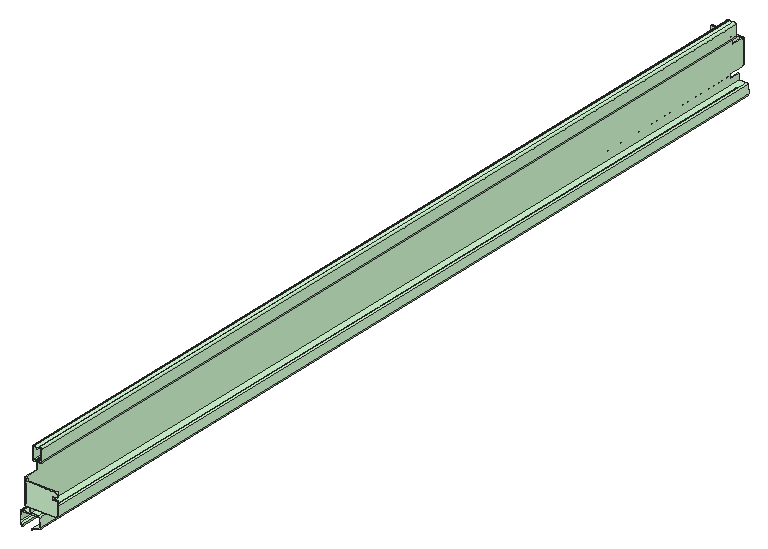
Revit family "eYバー4815クロス(640グリッド用）", category 機械設備, Revit 2020
Family settings
  丸型コネクタ寸法 = 直径を使用
  種別 = なし
  パーツ タイプ = 標準
  作業面ベース = いいえ
  常に垂直 = はい
  ロード時にボイドで切り取り = いいえ
  共有 = いいえ
  部屋計算ポイント = いいえ
Parameters
  製造元 = "株式会社桐井製作所"
  既定の高さ = 0 mm
  URL = "https://www.kirii.co.jp/"
  K_長さ(mm) = 640 mm
  K_材質 = "溶融亜鉛めっき鋼板及び鋼帯SGCC 一般用　カラー鋼板"
  K_品名 = "eYバー4815クロス(640グリッド用)"
  K_名称 = "Yバー"
  K_入数 = "30"
  K_バージョン情報 = "20220411"
  K_めっき付着量 = "JIS G 3302 Z12、カラー鋼板　塗装膜厚20μ(白色)"
  K_JIS規格 = "JIS G 3302"
Reference planes
  plane 1 "中心(正面/背面)": y = 0
  plane 2: z = 0
  plane 3 "中心(左/右)": x = 0
  plane 4: y = 638.738
Forms (mm)
  Extrusion 1, solid
    sketch origin (0, -1320, 7.1) x (-1, 0, 0) y (0, 0, 1)
      loop
        arc (6.336, -7.1) -> (7.064, -6.785) -> (7.334, -6.038) r 1
        line (7.334, -6.038) -> (6.959, -0.038)
        arc (6.959, -0.038) -> (6.645, 0.629) -> (5.961, 0.9) r 1
        line (5.961, 0.9) -> (0.4, 0.9) -> (0.4, 31)
        arc (0.4, 31) -> (0.715, 31.465) -> (1.263, 31.343) r 0.5
        arc (1.263, 31.343) -> (1.627, 31.018) -> (2.1, 30.9) r 1.011
        arc (2.1, 30.9) -> (2.736, 31.164) -> (3, 31.8) r 0.9
        line (3, 31.8) -> (3, 39.9)
        arc (3, 39.9) -> (2.473, 40.781) -> (1.448, 40.734) r 1
        line (1.448, 40.734) -> (0, 39.782) -> (-1.448, 40.734)
        arc (-1.448, 40.734) -> (-2.473, 40.781) -> (-3, 39.9) r 1
        line (-3, 39.9) -> (-3, 31.8)
        arc (-3, 31.8) -> (-2.736, 31.164) -> (-2.1, 30.9) r 0.9
        arc (-2.1, 30.9) -> (-1.627, 31.018) -> (-1.263, 31.343) r 1.011
        arc (-1.263, 31.343) -> (-0.715, 31.465) -> (-0.4, 31) r 0.5
        line (-0.4, 31) -> (-0.4, 0.9) -> (-5.961, 0.9)
        arc (-5.961, 0.9) -> (-6.645, 0.629) -> (-6.959, -0.036) r 1
        line (-6.959, -0.036) -> (-7.334, -6.039)
        arc (-7.334, -6.039) -> (-7.064, -6.785) -> (-6.336, -7.1) r 1
        line (-6.336, -7.1) -> (-3.65, -7.1)
        arc (-3.65, -7.1) -> (-3.4, -6.85) -> (-3.65, -6.6) r 0.25
        line (-3.65, -6.6) -> (-6.336, -6.6)
        arc (-6.336, -6.6) -> (-6.7, -6.442) -> (-6.835, -6.069) r 0.5
        line (-6.835, -6.069) -> (-6.46, -0.069)
        arc (-6.46, -0.069) -> (-6.2, 0.339) -> (-5.718, 0.337) r 0.5
        arc (-5.718, 0.337) -> (-5.317, 0.087) -> (-4.852, 0) r 1.28
        line (-4.852, 0) -> (4.852, 0)
        arc (4.852, 0) -> (5.317, 0.087) -> (5.718, 0.337) r 1.28
        arc (5.718, 0.337) -> (6.2, 0.339) -> (6.46, -0.069) r 0.5
        line (6.46, -0.069) -> (6.835, -6.069)
        arc (6.835, -6.069) -> (6.7, -6.442) -> (6.336, -6.6) r 0.5
        line (6.336, -6.6) -> (3.65, -6.6)
        arc (3.65, -6.6) -> (3.4, -6.85) -> (3.65, -7.1) r 0.25
        line (3.65, -7.1) -> (6.336, -7.1)
      loop
        arc (-1.668, 40.4) -> (-2.283, 40.429) -> (-2.6, 39.9) r 0.6
        line (-2.6, 39.9) -> (-2.6, 31.8)
        arc (-2.6, 31.8) -> (-2.302, 31.342) -> (-1.763, 31.431) r 0.5
        line (-1.763, 31.431) -> (-1.063, 31.885)
        arc (-1.063, 31.885) -> (-0.324, 31.692) -> (0, 31) r 0.9
        arc (0, 31) -> (0.324, 31.692) -> (1.063, 31.885) r 0.9
        line (1.063, 31.885) -> (1.763, 31.431)
        arc (1.763, 31.431) -> (2.302, 31.342) -> (2.6, 31.8) r 0.5
        line (2.6, 31.8) -> (2.6, 39.9)
        arc (2.6, 39.9) -> (2.283, 40.429) -> (1.668, 40.4) r 0.6
        line (1.668, 40.4) -> (0.549, 39.664)
        arc (0.549, 39.664) -> (0, 39.5) -> (-0.549, 39.664) r 1
        line (-0.549, 39.664) -> (-1.668, 40.4)
    from 1320 to 1958.738
  Extrusion 2, solid
    sketch origin (-0.114, 4.062, 23.4) x (1, 0, 0) y (0, 1, 0)
      loop
        line (24.214, -7.2) -> (24.214, -6.4) -> (1.714, -6.4)
        arc (1.714, -6.4) -> (0.866, -6.049) -> (0.514, -5.2) r 1.2
        line (0.514, -5.2) -> (0.514, -2.803) -> (-0.286, -2.803) -> (-0.286, -5.2)
        arc (-0.286, -5.2) -> (0.3, -6.614) -> (1.714, -7.2) r 2
        line (1.714, -7.2) -> (24.214, -7.2)
    from -7.401 to 9.571
  Extrusion 3, void
    sketch origin (0, 4.062, 0) x (1, 0, 0) y (0, 0, 1)
      loop
        line (2.6, 31.999) -> (23.1, 31.999)
        arc (23.1, 31.999) -> (23.807, 31.706) -> (24.1, 30.999) r 1
        line (24.1, 30.999) -> (24.1, 32.971) -> (2.6, 32.971) -> (2.6, 31.999)
    from 6.4 to 7.2
  Extrusion 4, void
    sketch origin (0, 4.062, 0) x (1, 0, 0) y (0, 0, 1)
      loop
        line (24.1, 26.599) -> (24.1, 28.599) -> (21.1, 28.599) -> (21.1, 26.599) -> (24.1, 26.599)
    from 6.4 to 7.2
  Extrusion 5, void
    sketch origin (0, 4.062, 0) x (1, 0, 0) y (0, 0, 1)
      loop
        line (24.1, 15.999) -> (24.1, 16.999)
        arc (24.1, 16.999) -> (23.329, 16.289) -> (22.322, 15.999) r 2.28
        line (22.322, 15.999) -> (24.1, 15.999)
    from 6.4 to 7.2
  Extrusion 6, void
    sketch origin (0, 0, 0) x (1, 0, 0) y (0, 1, 0)
      loop
        line (-7.486, 0) -> (-3.854, 0) -> (-7.486, 3.632) -> (-7.486, 0)
    from -0.436 to 1.326
  Extrusion 7, void
    sketch origin (0, 0, 0) x (0, 1, 0) y (0, 0, 1)
      loop
        line (9.063, 48.134) -> (0, 48.134) -> (0, 32.971) -> (9.063, 32.971) -> (9.063, 48.134)
    from -3.77 to 3.77
  Extrusion 8, void
    sketch origin (0, 0, 0) x (-1, 0, 0) y (0, -1, 0)
      loop
        line (-7.486, 0) -> (-7.486, -3.632) -> (-3.854, 0) -> (-7.486, 0)
    from -0.436 to 1.326
  Extrusion 9, void
    sketch origin (0, 0, 0) x (0, 1, 0) y (0, 0, -1)
      loop
        line (10.963, -11.971) -> (3.047, -11.971) -> (3.047, -1.326) -> (0, -1.326) -> (0, -14.971) -> (10.963, -14.971) -> (10.963, -11.971)
    from -7.486 to 8.021
  Extrusion 10, void
    sketch origin (0, 638.738, 0) x (0, -1, 0) y (0, 0, -1)
      loop
        line (10.963, -11.971) -> (3.047, -11.971) -> (3.047, -1.326) -> (0, -1.326) -> (0, -14.971) -> (10.963, -14.971) -> (10.963, -11.971)
    from -7.486 to 8.021
  Extrusion 11, void
    sketch origin (0, 638.738, 0) x (1, 0, 0) y (0, 1, 0)
      loop
        line (-7.486, 0) -> (-7.486, -3.632) -> (-3.854, 0) -> (-7.486, 0)
    from -0.436 to 1.326
  Extrusion 12, solid
    sketch origin (0.114, 634.675, 23.4) x (-1, 0, 0) y (0, -1, 0)
      loop
        line (24.214, -7.2) -> (24.214, -6.4) -> (1.714, -6.4)
        arc (1.714, -6.4) -> (0.866, -6.049) -> (0.514, -5.2) r 1.2
        line (0.514, -5.2) -> (0.514, -2.803) -> (-0.286, -2.803) -> (-0.286, -5.2)
        arc (-0.286, -5.2) -> (0.3, -6.614) -> (1.714, -7.2) r 2
        line (1.714, -7.2) -> (24.214, -7.2)
    from -7.401 to 8.599
  Extrusion 13, void
    sketch origin (0, 638.738, 0) x (0, -1, 0) y (0, 0, 1)
      loop
        line (9.063, 48.134) -> (0, 48.134) -> (0, 32.971) -> (9.063, 32.971) -> (9.063, 48.134)
    from -3.77 to 3.77
  Extrusion 14, void
    sketch origin (0, 644.213, 0) x (-1, 0, 0) y (0, 0, -1)
      loop
        line (23.1, -31.999) -> (24.1, -31.999) -> (24.1, -30.999)
        arc (24.1, -30.999) -> (23.807, -31.706) -> (23.1, -31.999) r 1
    from 2.337 to 3.137
  Extrusion 15, void
    sketch origin (0, 648.275, 0) x (-1, 0, 0) y (0, 0, -1)
      loop
        line (24.1, -26.599) -> (21.1, -26.599) -> (21.1, -28.599) -> (24.1, -28.599) -> (24.1, -26.599)
    from 6.4 to 7.2
  Extrusion 16, void
    sketch origin (0, 648.275, 0) x (-1, 0, 0) y (0, 0, -1)
      loop
        line (24.1, -15.999) -> (22.322, -15.999)
        arc (22.322, -15.999) -> (23.329, -16.289) -> (24.1, -16.999) r 2.28
        line (24.1, -16.999) -> (24.1, -15.999)
    from 6.4 to 7.2
  Extrusion 17, void
    sketch origin (0, 638.738, 0) x (-1, 0, 0) y (0, -1, 0)
      loop
        line (-7.486, 0) -> (-3.854, 0) -> (-7.486, 3.632) -> (-7.486, 0)
    from -0.436 to 1.326
Cuts and joins
  Extrusion 6, Extrusion 7, Extrusion 8, Extrusion 9, Extrusion 10, Extrusion 11, Extrusion 13, Extrusion 17 cuts Extrusion 1
  Extrusion 3, Extrusion 4, Extrusion 5, Extrusion 10, Extrusion 13 cuts Extrusion 2
  Extrusion 14, Extrusion 15, Extrusion 16 cuts Extrusion 12
  joined: Extrusion 1, Extrusion 2, Extrusion 12
Dimensions and locks
  aligned and locked: level to plane 2
  aligned and locked: plane 4 to Extrusion 1
